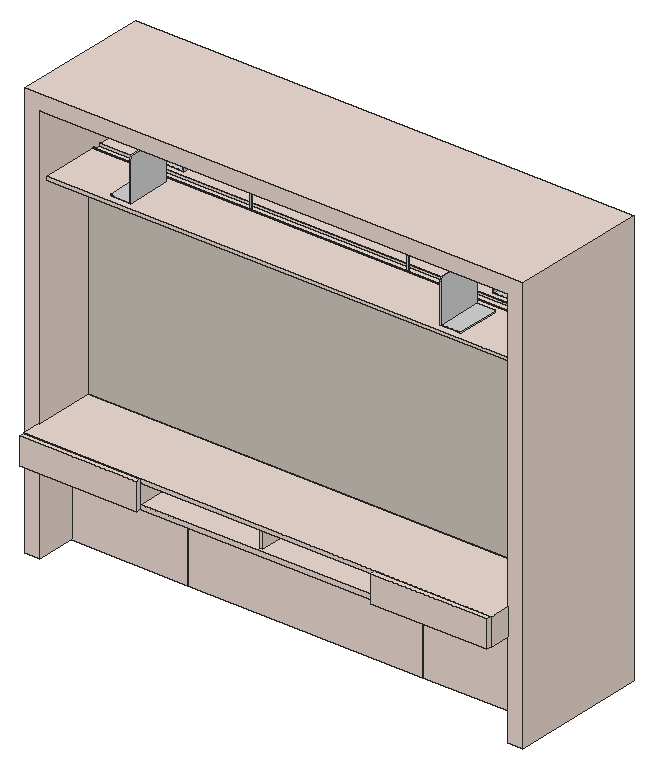
Revit family "Decca_Contract_Framework", category Furniture, Revit 2015
Parameters (values of type "26.5"")
  URL = ""
  Steel Frame [instance] = Furniture - DECCA CONTRACT - Casegood - Steel Frame
  Shelf [instance] = Furniture - DECCA CONTRACT - Casegood - Shelf
  Panels [instance] = Furniture - DECCA CONTRACT - Casegood - Panels
  Framework [instance] = Furniture - DECCA CONTRACT - Casegood - Framework
  FRAMEWORK (Hidden) = yes
  Drawer Face [instance] = Furniture - DECCA CONTRACT - Casegood - Drawer Front
  Countertop and Frame [instance] = Furniture - DECCA CONTRACT - Casegood - Framework
  Counter Height = 2' - 2 1/2"
  Book Ends [instance] = Furniture - DECCA CONTRACT - Casegood - Bookends
  Model = ""
  Manufacturer = "Decca Contract"
  Description = ""
  Backspalsh [instance] = Furniture - DECCA CONTRACT - Casegood - Tack Board
  Assembly Code = "E2020200"
Types (4): name | FRAMEWORK (Hidden) | Counter Height
  26.5" | yes | 2' - 2 1/2"
  32.5" | yes | 2' - 8 1/2"
  26.5" Hidden Framework | no | 2' - 2 1/2"
  32.5" Hidden Framework | no | 2' - 8 1/2"
Reference planes (in)
  plane 1 "C(FB)": y = 6
  plane 2: z = 0
  plane 3 "C(LR)": x = -6.90025
  plane 4 "T": z = 90.5
  plane 5 "B": y = 23.77735
  plane 6: y = -11.77735
  plane 7: x = -60.96275
  plane 8: x = 47.16225
  plane 9: x = -57.71275
  plane 10: x = -32.38586
  plane 11: x = 43.91225
  plane 12: x = 18.58536
  plane 13 "WST": z = 26.5
  plane 14: z = 20.5
  plane 15: z = 21.5
  plane 16: z = 25.75
  plane 17: z = 71.4632
  plane 18: z = 71.49989
  plane 19: z = 73.2132
  plane 20: z = 73.8382
  plane 21: z = 73.9632
  plane 22: z = 83.0379
  plane 23: z = 87.25
  plane 24 "F": y = -6.22265
  plane 25: y = -4.22265
  plane 26: y = 2.29943
  plane 27: y = 3.04943
  plane 28: y = 6.72265
  plane 29: y = 7.22265
  plane 30: y = 7.72265
  plane 31: y = 9.83289
  plane 32: y = 21.77735
  plane 33 "CL": y = 8.77777
  plane 34: y = -5.47265
  plane 35: y = 23.0282
  plane 36 "BOS": z = 20.56979
Forms (in)
  Extrusion 1, solid, material "Furniture - DECCA CONTRACT - Casegood - Framework" <- "Framework", visible <- "FRAMEWORK (Hidden)"
    sketch origin (0, -6.22265, 0) x (-1, 0, 0) y (0, 0, -1)
      loop
        line (60.96275, 0) -> (57.71275, 0) -> (57.71275, -87.25) -> (-43.91225, -87.25) -> (-43.91225, 0) -> (-47.16225, 0) -> (-47.16225, -90.5) -> (60.96275, -90.5) -> (60.96275, 0)
    from -0.75 to 0
  Extrusion 2, solid, material "Furniture - DECCA CONTRACT - Casegood - Framework" <- "Framework", visible <- "FRAMEWORK (Hidden)"
    sketch origin (0, 23.77735, 0) x (-1, 0, 0) y (0, 0, 1)
      loop
        line (60.96275, 0) -> (60.96275, 90.5) -> (-47.16225, 90.5) -> (-47.16225, 0) -> (-43.91225, 0) -> (-43.91225, 87.25) -> (57.71275, 87.25) -> (57.71275, 0) -> (60.96275, 0)
    from -0.74915 to 0
  Extrusion 3, solid, material "Furniture - DECCA CONTRACT - Casegood - Framework" <- "Framework", visible <- "FRAMEWORK (Hidden)"
    sketch origin (0, -6.22265, 0) x (-1, 0, 0) y (0, 0, -1)
      loop
        line (-47.16225, 0) -> (-47.16225, -90.5) -> (-43.91225, -87.25) -> (-43.91225, 0) -> (-47.16225, 0)
      loop
        line (60.96275, 0) -> (57.71275, 0) -> (57.71275, -87.25) -> (60.96275, -90.5) -> (60.96275, 0)
    from -29.25085 to -0.75
  Extrusion 4, solid, material "Furniture - DECCA CONTRACT - Casegood - Framework" <- "Framework", visible <- "FRAMEWORK (Hidden)"
    sketch origin (-6.90025, 0, 0) x (0, 1, 0) y (0, 0, 1)
      loop
        line (23.0282, 87.25) -> (23.0282, 90.5) -> (-5.47265, 90.5) -> (-5.47265, 87.25) -> (23.0282, 87.25)
    from -54.0625 to 54.0625
  Extrusion 5, solid, material "Furniture - DECCA CONTRACT - Casegood - Shelf" <- "Shelf", visible <- "FRAMEWORK (Hidden)"
    sketch origin (-6.90025, 0, 0) x (0, 1, 0) y (0, 0, 1)
      loop
        line (22.27777, 73.2132) -> (22.27777, 73.8382) -> (9.77777, 73.8382) -> (9.77777, 73.9632) -> (9.65235, 73.9632) -> (9.65235, 73.4632) -> (7.90235, 73.4632) -> (7.90235, 73.9632) -> (7.77777, 73.9632) -> (7.77777, 73.8382) -> (-4.72223, 73.8382) -> (-4.72223, 73.2132) -> (5.52619, 71.49989) -> (5.77777, 71.93564) -> (11.77777, 71.93564) -> (12.02935, 71.49989) -> (22.27777, 73.2132)
    from -50.8125 to 50.8125
  Extrusion 6, solid, material "Furniture - DECCA CONTRACT - Casegood - Steel Frame" <- "Steel Frame", visible <- "FRAMEWORK (Hidden)"
    sketch origin (-6.90025, 0, 0) x (0, 1, 0) y (0, 0, 1)
      loop
        line (9.83289, 0) -> (9.83289, 1.9685) -> (7.72265, 1.9685) -> (7.72265, 0) -> (9.83289, 0)
      loop
        line (9.83289, 24.5315) -> (9.83289, 26.5) -> (7.72265, 26.5) -> (7.72265, 24.5315) -> (9.83289, 24.5315)
    from -50.8125 to 50.8125
  Extrusion 7, solid, material "Furniture - DECCA CONTRACT - Casegood - Steel Frame" <- "Steel Frame", visible <- "FRAMEWORK (Hidden)"
    sketch origin (-6.90025, 0, 0) x (0, 1, 0) y (0, 0, 1)
      loop
        line (9.83289, 26.5) -> (9.83289, 28.4685) -> (7.72265, 28.4685) -> (7.72265, 26.5) -> (9.83289, 26.5)
      loop
        line (9.83289, 50.48982) -> (7.72265, 50.48982) -> (7.72265, 48.67387) -> (9.83289, 48.67387) -> (9.83289, 50.48982)
      loop
        line (9.83289, 70.11969) -> (9.83289, 71.93564) -> (7.72265, 71.93564) -> (7.72265, 70.11969) -> (9.83289, 70.11969)
    from -50.8125 to 50.8125
  Extrusion 8, solid, material "Furniture - DECCA CONTRACT - Casegood - Framework" <- "Framework"
    sketch origin (-6.90025, 0, 0) x (0, 1, 0) y (0, 0, 1)
      loop
        line (7.72265, 0) -> (7.72265, 71.93564) -> (7.22265, 71.93564) -> (7.22265, 0) -> (7.72265, 0)
    from -50.8125 to 50.8125
  Extrusion 9, solid, material "Furniture - DECCA CONTRACT - Casegood - Tack Board" <- "Backspalsh"
    sketch origin (-6.90025, 0, 0) x (0, 1, 0) y (0, 0, 1)
      loop
        line (6.72265, 71.4632) -> (6.72265, 26.5) -> (7.22265, 26.5) -> (7.22265, 71.4632) -> (6.72265, 71.4632)
    from -50.8125 to 50.8125
  Extrusion 10, solid, material "Furniture - DECCA CONTRACT - Casegood - Framework" <- "Countertop and Frame"
    sketch origin (-6.90025, 0, 0) x (0, 1, 0) y (0, 0, 1)
      loop
        line (6.72265, 26.5) -> (-10.70057, 26.5) -> (-10.70057, 25.75) -> (6, 25.75) -> (6, 21.5) -> (-10.70057, 21.5) -> (-10.70057, 20.5) -> (6.72265, 20.5) -> (6.72265, 26.5)
    from -50.8125 to 50.8125
  Extrusion 11, solid, material "Furniture - DECCA CONTRACT - Casegood - Drawer Front" <- "Drawer Face"
    sketch origin (0, -6.22265, 0) x (-1, 0, 0) y (0, 0, -1)
      loop
        line (57.63325, -20.56979) -> (32.38586, -20.56979) -> (32.38586, -26.43472) -> (57.63325, -26.43472) -> (57.63325, -20.56979)
      loop
        line (-43.83275, -20.56979) -> (-43.83275, -26.43472) -> (-18.58536, -26.43472) -> (-18.58536, -20.56979) -> (-43.83275, -20.56979)
    from 4.55666 to 5.55469
  Extrusion 12, solid, material "Furniture - DECCA CONTRACT - Casegood - Panels" <- "Panels"
    sketch origin (-6.90025, 0, -26.33588) x (0, 1, 0) y (0, 0, 1)
      loop
        line (2.29943, 46.83588) -> (2.29943, 26.33589) -> (3.04943, 26.33589) -> (3.04943, 46.83588) -> (2.29943, 46.83588)
    from -50.8125 to -25.48561
  Extrusion 13, solid, material "Furniture - DECCA CONTRACT - Casegood - Panels" <- "Panels"
    sketch origin (-57.87148, 0, -26.33588) x (0, 1, 0) y (0, 0, -1)
      loop
        line (2.29943, -46.83588) -> (3.04943, -46.83588) -> (3.04943, -26.33589) -> (2.29943, -26.33589) -> (2.29943, -46.83588)
    from -76.45684 to -25.48561
  Extrusion 14, solid, material "Furniture - DECCA CONTRACT - Casegood - Panels" <- "Panels"
    sketch origin (95.0422, 0, -26.33588) x (0, 1, 0) y (0, 0, 1)
      loop
        line (2.29943, 46.83588) -> (2.29943, 26.33589) -> (3.04943, 26.33589) -> (3.04943, 46.83588) -> (2.29943, 46.83588)
    from -76.45684 to -51.12995
  Extrusion 15, solid, material "Furniture - DECCA CONTRACT - Casegood - Framework" <- "Countertop and Frame"
    sketch origin (0, -6.22265, 0) x (-1, 0, 0) y (0, 0, -1)
      loop
        line (57.71275, -21.5) -> (56.96275, -21.5) -> (56.96275, -25.75) -> (57.71275, -25.75) -> (57.71275, -21.5)
      loop
        line (33.0565, -21.5) -> (32.3065, -21.5) -> (32.3065, -25.75) -> (33.0565, -25.75) -> (33.0565, -21.5)
      loop
        line (-43.91225, -21.5) -> (-43.91225, -25.75) -> (-43.16225, -25.75) -> (-43.16225, -21.5) -> (-43.91225, -21.5)
      loop
        line (-19.256, -21.5) -> (-19.256, -25.75) -> (-18.506, -25.75) -> (-18.506, -21.5) -> (-19.256, -21.5)
    from -12.94531 to 4.47792
  Extrusion 16, solid, material "Furniture - DECCA CONTRACT - Casegood - Framework" <- "Countertop and Frame"
    sketch origin (0, -6.22265, 0) x (-1, 0, 0) y (0, 0, -1)
      loop
        line (7.27525, -21.5) -> (6.52525, -21.5) -> (6.52525, -25.75) -> (7.27525, -25.75) -> (7.27525, -21.5)
    from -12.22265 to 3.47792
  Revolve 17, void
    sketch origin (0, 0, 20.56979) x (0, -1, 0) y (1, 0, 0)
      loop
        arc (11.52931, -35.64259) -> (11.30964, -35.11226) -> (10.77931, -34.89259) r 0.75
        line (10.77931, -34.89259) -> (10.77931, -54.94652)
        arc (10.77931, -54.94652) -> (11.30964, -54.72685) -> (11.52931, -54.19652) r 0.75
        line (11.52931, -54.19652) -> (11.52931, -35.64259)
      axis (10.77931, -54.94652) -> (10.77931, -34.89259)
    angle from 0 to 360
  Revolve 18, void
    sketch origin (-13.8005, 0, 20.56979) x (0, -1, 0) y (-1, 0, 0)
      loop
        arc (11.52931, -35.64259) -> (11.30964, -35.11226) -> (10.77931, -34.89259) r 0.75
        line (10.77931, -34.89259) -> (10.77931, -54.94652)
        arc (10.77931, -54.94652) -> (11.30964, -54.72685) -> (11.52931, -54.19652) r 0.75
        line (11.52931, -54.19652) -> (11.52931, -35.64259)
      axis (10.77931, -54.94652) -> (10.77931, -34.89259)
    angle from 0 to 360
  Extrusion 19, solid, material "Furniture - DECCA CONTRACT - Casegood - Bookends" <- "Book Ends", visible <- "FRAMEWORK (Hidden)"
    sketch origin (-6.90025, 0, 0) x (0, 1, 0) y (0, 0, 1)
      loop
        line (11.13507, 73.8382) -> (20.63507, 73.8382) -> (20.63507, 82.2879)
        arc (20.63507, 82.2879) -> (20.4154, 82.81823) -> (19.88507, 83.0379) r 0.75
        line (19.88507, 83.0379) -> (11.88507, 83.0379)
        arc (11.88507, 83.0379) -> (11.35474, 82.81823) -> (11.13507, 82.2879) r 0.75
        line (11.13507, 82.2879) -> (11.13507, 73.8382)
      loop
        arc (-2.32953, 83.0379) -> (-2.85986, 82.81823) -> (-3.07953, 82.2879) r 0.75
        line (-3.07953, 82.2879) -> (-3.07953, 73.8382) -> (6.42047, 73.8382) -> (6.42047, 82.2879)
        arc (6.42047, 82.2879) -> (6.2008, 82.81823) -> (5.67047, 83.0379) r 0.75
        line (5.67047, 83.0379) -> (-2.32953, 83.0379)
    from -33.8125 to -33.5625
  Extrusion 20, solid, material "Furniture - DECCA CONTRACT - Casegood - Bookends" <- "Book Ends", visible <- "FRAMEWORK (Hidden)"
    sketch origin (-6.90025, 0, 0) x (0, 1, 0) y (0, 0, -1)
      loop
        line (11.13507, -73.8382) -> (11.13507, -82.2879)
        arc (11.13507, -82.2879) -> (11.35474, -82.81823) -> (11.88507, -83.0379) r 0.75
        line (11.88507, -83.0379) -> (19.88507, -83.0379)
        arc (19.88507, -83.0379) -> (20.4154, -82.81823) -> (20.63507, -82.2879) r 0.75
        line (20.63507, -82.2879) -> (20.63507, -73.8382) -> (11.13507, -73.8382)
      loop
        line (-2.32953, -83.0379) -> (5.67047, -83.0379)
        arc (5.67047, -83.0379) -> (6.2008, -82.81823) -> (6.42047, -82.2879) r 0.75
        line (6.42047, -82.2879) -> (6.42047, -73.8382) -> (-3.07953, -73.8382) -> (-3.07953, -82.2879)
        arc (-3.07953, -82.2879) -> (-2.85986, -82.81823) -> (-2.32953, -83.0379) r 0.75
    from -33.8125 to -33.5625
  Extrusion 21, solid, material "Furniture - DECCA CONTRACT - Casegood - Bookends" <- "Book Ends", visible <- "FRAMEWORK (Hidden)"
    sketch origin (0, 0, 20.56979) x (0, -1, 0) y (1, 0, 0)
      loop
        line (-6.42047, -40.46275) -> (-6.42047, -44.5626)
        arc (-6.42047, -44.5626) -> (-6.27402, -44.91616) -> (-5.92047, -45.0626) r 0.5
        line (-5.92047, -45.0626) -> (2.57953, -45.0626)
        arc (2.57953, -45.0626) -> (2.93308, -44.91616) -> (3.07953, -44.5626) r 0.5
        line (3.07953, -44.5626) -> (3.07953, -40.46275) -> (-6.42047, -40.46275)
      loop
        line (-11.13507, -40.46275) -> (-20.63507, -40.46275) -> (-20.63507, -44.5626)
        arc (-20.63507, -44.5626) -> (-20.48863, -44.91616) -> (-20.13507, -45.0626) r 0.5
        line (-20.13507, -45.0626) -> (-11.63507, -45.0626)
        arc (-11.63507, -45.0626) -> (-11.28152, -44.91616) -> (-11.13507, -44.5626) r 0.5
        line (-11.13507, -44.5626) -> (-11.13507, -40.46275)
    from 53.26841 to 53.39341
  Extrusion 22, solid, material "Furniture - DECCA CONTRACT - Casegood - Bookends" <- "Book Ends", visible <- "FRAMEWORK (Hidden)"
    sketch origin (-13.8005, 0, 20.56979) x (0, -1, 0) y (1, 0, 0)
      loop
        line (-6.42047, 40.46275) -> (3.07953, 40.46275) -> (3.07953, 44.5626)
        arc (3.07953, 44.5626) -> (2.93308, 44.91616) -> (2.57953, 45.0626) r 0.5
        line (2.57953, 45.0626) -> (-5.92047, 45.0626)
        arc (-5.92047, 45.0626) -> (-6.27402, 44.91616) -> (-6.42047, 44.5626) r 0.5
        line (-6.42047, 44.5626) -> (-6.42047, 40.46275)
      loop
        line (-11.13507, 40.46275) -> (-11.13507, 44.5626)
        arc (-11.13507, 44.5626) -> (-11.28152, 44.91616) -> (-11.63507, 45.0626) r 0.5
        line (-11.63507, 45.0626) -> (-20.13507, 45.0626)
        arc (-20.13507, 45.0626) -> (-20.48863, 44.91616) -> (-20.63507, 44.5626) r 0.5
        line (-20.63507, 44.5626) -> (-20.63507, 40.46275) -> (-11.13507, 40.46275)
    from 53.26841 to 53.39341
  Revolve 23, solid, material "Furniture - DECCA CONTRACT - Casegood - Steel Frame" <- "Steel Frame", visible <- "FRAMEWORK (Hidden)"
    sketch origin (0, 8.77777, 0) x (-1, 0, 0) y (0, 0, 1)
      loop
        line (23.96525, 87.64271) -> (23.96525, 72.5882) -> (24.05895, 72.5882) -> (24.05895, 73.4632) -> (24.09025, 73.4632) -> (24.09025, 87.25) -> (24.05895, 87.25) -> (24.05895, 87.64271) -> (23.96525, 87.64271)
      axis (23.96525, 72.5882) -> (23.96525, 87.64271)
    angle from 0 to 360
  Revolve 24, solid, material "Furniture - DECCA CONTRACT - Casegood - Steel Frame" <- "Steel Frame", visible <- "FRAMEWORK (Hidden)"
    sketch origin (-13.8005, 8.77777, 0) x (1, 0, 0) y (0, 0, 1)
      loop
        line (23.96525, 87.64271) -> (23.96525, 72.5882) -> (24.05895, 72.5882) -> (24.05895, 73.4632) -> (24.09025, 73.4632) -> (24.09025, 87.25) -> (24.05895, 87.25) -> (24.05895, 87.64271) -> (23.96525, 87.64271)
      axis (23.96525, 72.5882) -> (23.96525, 87.64271)
    angle from 0 to 360
  Extrusion 25, solid
    sketch origin (0, 6, 0) x (1, 0, 0) y (0, 0, 1)
      loop
        line (-56.96275, 0.00001) -> (-56.96275, 21.5) -> (-57.71275, 21.5) -> (-57.71275, 0.00001) -> (-56.96275, 0.00001)
      loop
        line (-33.0565, 0) -> (-32.3065, 0) -> (-32.3065, 20.5) -> (-33.0565, 20.5) -> (-33.0565, 0)
      loop
        line (43.16225, 0.00001) -> (43.91225, 0.00001) -> (43.91225, 21.5) -> (43.16225, 21.5) -> (43.16225, 0.00001)
      loop
        line (19.256, 0) -> (19.256, 20.5) -> (18.506, 20.5) -> (18.506, 0) -> (19.256, 0)
    from -0.72265 to 2.95057
  Extrusion 26, solid
    sketch origin (-6.90025, 0, 52.67178) x (0, 1, 0) y (0, 0, 1)
      loop
        line (6.72265, -52.67178) -> (7.22265, -52.67178) -> (7.22265, -26.17178) -> (6.72265, -26.17178) -> (6.72265, -52.67178)
    from -50.8125 to 50.8125
  Extrusion 27, solid, material "Furniture - DECCA CONTRACT - Casegood - Steel Frame" <- "Steel Frame", visible <- "FRAMEWORK (Hidden)"
    sketch origin (0, 6, 0) x (1, 0, 0) y (0, 0, 1)
      loop
        line (-57.71275, 1.9685) -> (-55.89681, 1.9685) -> (-55.89681, 24.5315) -> (-57.71275, 24.5315) -> (-57.71275, 1.9685)
      loop
        line (-24.84042, 1.9685) -> (-23.02448, 1.9685) -> (-23.02448, 24.5315) -> (-24.84042, 24.5315) -> (-24.84042, 1.9685)
      loop
        line (43.91225, 1.9685) -> (43.91225, 24.5315) -> (42.0963, 24.5315) -> (42.0963, 1.9685) -> (43.91225, 1.9685)
      loop
        line (11.03992, 1.9685) -> (11.03992, 24.5315) -> (9.22398, 24.5315) -> (9.22398, 1.9685) -> (11.03992, 1.9685)
    from -3.83289 to -1.72265
  Extrusion 28, solid, material "Furniture - DECCA CONTRACT - Casegood - Steel Frame" <- "Steel Frame", visible <- "FRAMEWORK (Hidden)"
    sketch origin (0, 6, 0) x (1, 0, 0) y (0, 0, 1)
      loop
        line (-57.71275, 28.4685) -> (-55.89681, 28.4685) -> (-55.89681, 70.11969) -> (-57.71275, 70.11969) -> (-57.71275, 28.4685)
      loop
        line (-24.84042, 70.11969) -> (-24.84042, 28.4685) -> (-23.02448, 28.4685) -> (-23.02448, 70.11969) -> (-24.84042, 70.11969)
      loop
        line (43.91225, 28.4685) -> (43.91225, 70.11969) -> (42.0963, 70.11969) -> (42.0963, 28.4685) -> (43.91225, 28.4685)
      loop
        line (11.03992, 70.11969) -> (9.22398, 70.11969) -> (9.22398, 28.4685) -> (11.03992, 28.4685) -> (11.03992, 70.11969)
    from -3.83289 to -1.72265
Cuts and joins
  Revolve 17, Revolve 18 cuts Extrusion 15
  Revolve 17, Revolve 18 cuts Extrusion 16
  joined: Extrusion 10, Extrusion 15, Extrusion 16
  joined: Extrusion 1, Extrusion 2, Extrusion 3, Extrusion 4
  Revolve 17, Revolve 18 cuts Extrusion 11
  joined: Extrusion 19, Extrusion 21
  joined: Extrusion 20, Extrusion 22
  joined: Extrusion 25, Extrusion 26
  joined: Extrusion 7, Extrusion 28
  joined: Extrusion 6, Extrusion 27
Dimensions and locks (in)
  equal spacing: plane 7, plane 3 "C(LR)", plane 8
  equal spacing: plane 5 "B", plane 1 "C(FB)", plane 6
  "Counter Height": plane 13 "WST" to plane 2
  locked: plane 13 "WST" to plane 16 at 0.75
  locked: plane 16 to plane 15 at 4.25
  locked: plane 15 to plane 14 at 1
  locked: plane 36 "BOS" to plane 14 at 0.06979
  plane 4 "T" to plane 2 = 7' - 6 1/2"
  Extrusion 7 sketch curve to Extrusion 7 sketch curve to Extrusion 7 sketch curve to Extrusion 7 sketch curve to Extrusion 7 sketch curve to Extrusion 7 sketch curve to level = 0' - 1.81594" locked, 1' - 7.62988" locked, 0' - 1.81594" locked, 1' - 8.20537" locked, 0' - 1.9685" locked, 2' - 2 1/2" locked
  Extrusion 6 sketch curve to Extrusion 6 sketch curve to Extrusion 6 sketch curve to level = 0' - 1.9685" locked, 1' - 10.56299" locked, 0' - 1.9685" locked
  aligned and locked: plane 2 to level
  aligned and locked: Extrusion 1 sketch curve to plane 7
  aligned and locked: Extrusion 1 sketch curve to plane 4 "T"
  aligned and locked: Extrusion 1 sketch curve to plane 23
  aligned and locked: plane 2 to Extrusion 1 sketch curve
  aligned and locked: plane 8 to Extrusion 1 sketch curve
  aligned and locked: plane 11 to Extrusion 1 sketch curve
  aligned and locked: Extrusion 1 sketch curve to plane 9
  aligned and locked: plane 7 to Extrusion 2 sketch curve
  aligned and locked: plane 9 to Extrusion 2 sketch curve
  aligned and locked: plane 4 "T" to Extrusion 2 sketch curve
  aligned and locked: plane 23 to Extrusion 2 sketch curve
  aligned and locked: Extrusion 2 sketch curve to plane 11
  aligned and locked: Extrusion 2 sketch curve to plane 8
  aligned and locked: Extrusion 2 sketch curve to plane 2
  aligned and locked: Extrusion 2 to plane 35
  aligned and locked: plane 2 to Extrusion 3 sketch curve
  aligned and locked: Extrusion 3 sketch curve to plane 7
  aligned and locked: Extrusion 3 sketch curve to plane 9
  aligned and locked: plane 11 to Extrusion 3 sketch curve
  aligned and locked: plane 8 to Extrusion 3 sketch curve
  aligned and locked: plane 35 to Extrusion 3
  aligned and locked: plane 35 to Extrusion 4 sketch curve
  aligned and locked: plane 23 to Extrusion 4 sketch curve
  aligned and locked: Extrusion 4 sketch curve to plane 34
  aligned and locked: Extrusion 21 to plane 21
  aligned and locked: plane 20 to Extrusion 21
  aligned and locked: plane 20 to Extrusion 19
  aligned and locked: plane 20 to Extrusion 22
  aligned and locked: Extrusion 22 to plane 21
  aligned and locked: Extrusion 27 to Extrusion 6  (x4)
  aligned and locked: Extrusion 28 to Extrusion 7  (x4)
Automatic sketch dimensions
  Extrusion 1 sketch curve to level = 0' - 0"
  Extrusion 2 sketch curve to level = 0' - 0"
  Extrusion 3 sketch curve to level = 0' - 0"
  Extrusion 3 sketch curve to plane 23 = 0' - 0"  (x2)
  Extrusion 3 sketch curve to plane 4 "T" = 0' - 0"  (x2)
  plane 21 to Extrusion 5 sketch curve = 0' - 0"  (x2)
  Extrusion 5 sketch curve to plane 19 = 0' - 0"  (x2)
  plane 25 to Extrusion 5 sketch curve = 0' - 0.49957"
  Extrusion 5 sketch curve to plane 18 = 0' - 0"  (x2)
  plane 1 "C(FB)" to Extrusion 5 sketch curve = 0' - 0.47381"
  plane 1 "C(FB)" to Extrusion 5 sketch curve = 0' - 0.22223"
  Extrusion 5 sketch curve to plane 20 = 0' - 0"  (x2)
  Extrusion 5 sketch curve to plane 30 = 0' - 0.05512"
  Extrusion 5 sketch curve to Extrusion 5 sketch curve = 0' - 0.12457"
  plane 31 to Extrusion 5 sketch curve = 0' - 0.18055"
  plane 31 to Extrusion 5 sketch curve = 0' - 0.05512"
  Extrusion 5 sketch curve to plane 18 = 0' - 0.43575"
  Extrusion 5 sketch curve to plane 31 = 0' - 1.94488"
  Extrusion 5 sketch curve to Extrusion 5 sketch curve = 0' - 0.25158"
  Extrusion 5 sketch curve to plane 32 = 0' - 0.50043"
  Extrusion 5 sketch curve to plane 19 = 0' - 0 1/4"
  Extrusion 6 sketch curve to plane 30 = 0' - 0"  (x2)
  Extrusion 6 sketch curve to level = 0' - 0"
  Extrusion 6 sketch curve to plane 31 = 0' - 0"  (x2)
  Extrusion 8 sketch curve to level = 0' - 0"
  Extrusion 8 sketch curve to plane 29 = 0' - 0"
  Extrusion 8 sketch curve to plane 30 = 0' - 0"
  Extrusion 8 sketch curve to plane 18 = 0' - 0.43575"
  plane 13 "WST" to Extrusion 9 sketch curve = 0' - 0"
  Extrusion 9 sketch curve to plane 28 = 0' - 0"
  Extrusion 9 sketch curve to plane 29 = 0' - 0"
  plane 17 to Extrusion 9 sketch curve = 0' - 0"
  plane 15 to Extrusion 10 sketch curve = 0' - 0"
  plane 13 "WST" to Extrusion 10 sketch curve = 0' - 0"
  plane 16 to Extrusion 10 sketch curve = 0' - 0"
  plane 14 to Extrusion 10 sketch curve = 0' - 0"
  Extrusion 10 sketch curve to plane 1 "C(FB)" = 0' - 0"
  Extrusion 10 sketch curve to plane 28 = 0' - 0"
  Extrusion 10 sketch curve to plane 6 = 0' - 1.07677"  (x2)
  Extrusion 10 sketch curve to Extrusion 10 sketch curve = 0' - 0"
  Extrusion 11 sketch curve to plane 36 "BOS" = 0' - 0"  (x2)
  plane 11 to Extrusion 11 sketch curve = 0' - 0.0795"
  plane 12 to Extrusion 11 sketch curve = 0' - 0"
  plane 10 to Extrusion 11 sketch curve = 0' - 0"
  plane 9 to Extrusion 11 sketch curve = 0' - 0.0795"
  Extrusion 11 sketch curve to plane 13 "WST" = 0' - 0.06528"  (x2)
  Extrusion 12 sketch curve to plane 26 = 0' - 0"
  Extrusion 12 sketch curve to plane 27 = 0' - 0"
  plane 14 to Extrusion 12 sketch curve = 0' - 0"
  level to Extrusion 12 sketch curve = 0' - 0"
  Extrusion 13 sketch curve to plane 26 = 0' - 0"
  Extrusion 13 sketch curve to plane 27 = 0' - 0"
  plane 14 to Extrusion 13 sketch curve = 0' - 0"
  level to Extrusion 13 sketch curve = 0' - 0"
  Extrusion 14 sketch curve to plane 26 = 0' - 0"
  Extrusion 14 sketch curve to plane 27 = 0' - 0"
  plane 14 to Extrusion 14 sketch curve = 0' - 0"
  level to Extrusion 14 sketch curve = 0' - 0"
  Extrusion 15 sketch curve to plane 11 = 0' - 0"
  Extrusion 15 sketch curve to plane 16 = 0' - 0"  (x4)
  Extrusion 15 sketch curve to plane 15 = 0' - 0"  (x4)
  plane 9 to Extrusion 15 sketch curve = 0' - 0"
  plane 11 to Extrusion 15 sketch curve = 0' - 0 3/4"
  Extrusion 15 sketch curve to plane 12 = 0' - 0.67064"
  plane 12 to Extrusion 15 sketch curve = 0' - 0.07936"
  plane 10 to Extrusion 15 sketch curve = 0' - 0.07936"
  Extrusion 15 sketch curve to plane 10 = 0' - 0.67064"
  plane 9 to Extrusion 15 sketch curve = 0' - 0 3/4"
  Extrusion 16 sketch curve to plane 15 = 0' - 0"
  Extrusion 16 sketch curve to plane 16 = 0' - 0"
  Extrusion 16 sketch curve to plane 3 "C(LR)" = 0' - 0 3/8"
  plane 3 "C(LR)" to Extrusion 16 sketch curve = 0' - 0 3/8"
  Revolve 17 sketch curve to plane 6 = 0' - 0.99803"
  Revolve 17 sketch curve to plane 6 = 0' - 0.24803"
  Revolve 17 sketch curve to plane 9 = 0' - 2.76623"
  plane 10 to Revolve 17 sketch curve = 0' - 3.25673"
  Revolve 17 sketch curve to Revolve 17 sketch curve = 0' - 0"  (x3)
  plane 6 to Revolve 18 sketch curve = 0' - 0.99803"
  plane 6 to Revolve 18 sketch curve = 0' - 0.24803"
  plane 11 to Revolve 18 sketch curve = 0' - 2.76623"
  Revolve 18 sketch curve to plane 12 = 0' - 3.25673"
  Revolve 18 sketch curve to Revolve 18 sketch curve = 0' - 0"  (x3)
  plane 20 to Extrusion 19 sketch curve = 0' - 0"  (x2)
  plane 22 to Extrusion 19 sketch curve = 0' - 0"  (x2)
  Extrusion 19 sketch curve to plane 25 = 0' - 1.14313"
  Extrusion 19 sketch curve to Extrusion 19 sketch curve = 0' - 0 3/4"
  plane 1 "C(FB)" to Extrusion 19 sketch curve = 0' - 0.32953"
  plane 28 to Extrusion 19 sketch curve = 0' - 0.30218"
  plane 22 to Extrusion 19 sketch curve = 0' - 0 3/4"
  Extrusion 19 sketch curve to plane 31 = 0' - 1.30218"
  plane 32 to Extrusion 19 sketch curve = 0' - 1.89227"
  plane 32 to Extrusion 19 sketch curve = 0' - 1.14227"
  plane 20 to Extrusion 20 sketch curve = 0' - 0"  (x2)
  plane 22 to Extrusion 20 sketch curve = 0' - 0"  (x2)
  Extrusion 20 sketch curve to plane 25 = 0' - 1.14313"
  Extrusion 20 sketch curve to Extrusion 20 sketch curve = 0' - 0 3/4"
  plane 1 "C(FB)" to Extrusion 20 sketch curve = 0' - 0.32953"
  plane 28 to Extrusion 20 sketch curve = 0' - 0.30218"
  plane 22 to Extrusion 20 sketch curve = 0' - 0 3/4"
  Extrusion 20 sketch curve to plane 31 = 0' - 1.30218"
  plane 32 to Extrusion 20 sketch curve = 0' - 1.89227"
  plane 32 to Extrusion 20 sketch curve = 0' - 1.14227"
  plane 32 to Extrusion 21 sketch curve = 0' - 1.14227"
  Extrusion 21 sketch curve to Extrusion 21 sketch curve = 0' - 0 1/2"
  Extrusion 21 sketch curve to plane 31 = 0' - 1.80218"
  Extrusion 21 sketch curve to plane 31 = 0' - 1.30218"
  plane 28 to Extrusion 21 sketch curve = 0' - 0.30218"
  plane 1 "C(FB)" to Extrusion 21 sketch curve = 0' - 0.07953"
  Extrusion 21 sketch curve to plane 25 = 0' - 1.64313"
  Extrusion 21 sketch curve to plane 25 = 0' - 1.14313"
  Extrusion 21 sketch curve to plane 9 = 1' - 0.65015"  (x2)
  Extrusion 21 sketch curve to Extrusion 21 sketch curve = 0' - 4.09985"  (x2)
  Extrusion 22 sketch curve to plane 32 = 0' - 1.14227"
  Extrusion 22 sketch curve to Extrusion 22 sketch curve = 0' - 0 1/2"
  plane 31 to Extrusion 22 sketch curve = 0' - 1.80218"
  plane 31 to Extrusion 22 sketch curve = 0' - 1.30218"
  Extrusion 22 sketch curve to plane 28 = 0' - 0.30218"
  Extrusion 22 sketch curve to plane 1 "C(FB)" = 0' - 0.07953"
  plane 25 to Extrusion 22 sketch curve = 0' - 1.64313"
  plane 25 to Extrusion 22 sketch curve = 0' - 1.14313"
  plane 11 to Extrusion 22 sketch curve = 1' - 0.65015"  (x2)
  Extrusion 22 sketch curve to Extrusion 22 sketch curve = 0' - 4.09985"  (x2)
  Revolve 23 sketch curve to plane 23 = 0' - 0"
  plane 23 to Revolve 23 sketch curve = 0' - 0.39271"
  plane 10 to Revolve 23 sketch curve = 0' - 8.42061"
  Revolve 23 sketch curve to Revolve 23 sketch curve = 0' - 0.0937"  (x2)
  Revolve 23 sketch curve to Revolve 23 sketch curve = 0' - 0.0313"
  plane 19 to Revolve 23 sketch curve = 0' - 0 1/4"
  Revolve 23 sketch curve to plane 19 = 0' - 0 5/8"
  Revolve 23 sketch curve to Revolve 23 sketch curve = 0' - 0"  (x3)
  Revolve 24 sketch curve to plane 23 = 0' - 0"
  Revolve 24 sketch curve to plane 23 = 0' - 0.39271"
  Revolve 24 sketch curve to plane 12 = 0' - 8.42061"
  Revolve 24 sketch curve to Revolve 24 sketch curve = 0' - 0.0937"  (x2)
  Revolve 24 sketch curve to Revolve 24 sketch curve = 0' - 0.0313"
  Revolve 24 sketch curve to plane 19 = 0' - 0 1/4"
  plane 19 to Revolve 24 sketch curve = 0' - 0 5/8"
  Revolve 24 sketch curve to Revolve 24 sketch curve = 0' - 0"  (x3)
  plane 9 to Extrusion 25 sketch curve = 0' - 0"
  Extrusion 25 sketch curve to plane 15 = 0' - 0"  (x2)
  Extrusion 25 sketch curve to level = 0' - 0"  (x2)
  Extrusion 25 sketch curve to plane 14 = 0' - 0"  (x2)
  Extrusion 25 sketch curve to plane 11 = 0' - 0"
  Extrusion 25 sketch curve to plane 9 = 0' - 0 3/4"
  plane 10 to Extrusion 25 sketch curve = 0' - 0.67064"
  Extrusion 25 sketch curve to plane 10 = 0' - 0.07936"
  Extrusion 25 sketch curve to plane 12 = 0' - 0.07936"
  plane 12 to Extrusion 25 sketch curve = 0' - 0.67064"
  level to Extrusion 25 sketch curve = 0' - 0"  (x2)
  Extrusion 25 sketch curve to plane 11 = 0' - 0 3/4"
  plane 13 "WST" to Extrusion 26 sketch curve = 0' - 0"
  Extrusion 26 sketch curve to plane 28 = 0' - 0"
  Extrusion 26 sketch curve to plane 29 = 0' - 0"
  level to Extrusion 26 sketch curve = 0' - 0"
  plane 9 to Extrusion 27 sketch curve = 0' - 0"
  Extrusion 27 sketch curve to plane 11 = 0' - 0"
  Extrusion 27 sketch curve to Extrusion 27 sketch curve = 0' - 1.81595"  (x2)
  level to Extrusion 27 sketch curve = 0' - 1.9685"  (x4)
  Extrusion 27 sketch curve to plane 10 = 0' - 7.54544"
  Extrusion 27 sketch curve to Extrusion 27 sketch curve = 0' - 1.81594"  (x2)
  plane 16 to Extrusion 27 sketch curve = 0' - 1.2185"  (x4)
  Extrusion 27 sketch curve to plane 12 = 0' - 9.36139"
  plane 9 to Extrusion 28 sketch curve = 0' - 0"
  Extrusion 28 sketch curve to plane 11 = 0' - 0"
  Extrusion 28 sketch curve to Extrusion 28 sketch curve = 0' - 1.81594"  (x4)
  plane 17 to Extrusion 28 sketch curve = 0' - 1.3435"  (x4)
  Extrusion 28 sketch curve to plane 10 = 0' - 7.54544"
  Extrusion 28 sketch curve to plane 13 "WST" = 0' - 1.9685"  (x4)
  Extrusion 28 sketch curve to plane 12 = 0' - 9.36139"
  Extrusion 7 sketch curve to plane 30 = 0' - 0"  (x3)
  Extrusion 7 sketch curve to plane 31 = 0' - 0"  (x3)
  Extrusion 4 sketch curve to plane 4 "T" = 0' - 0"
